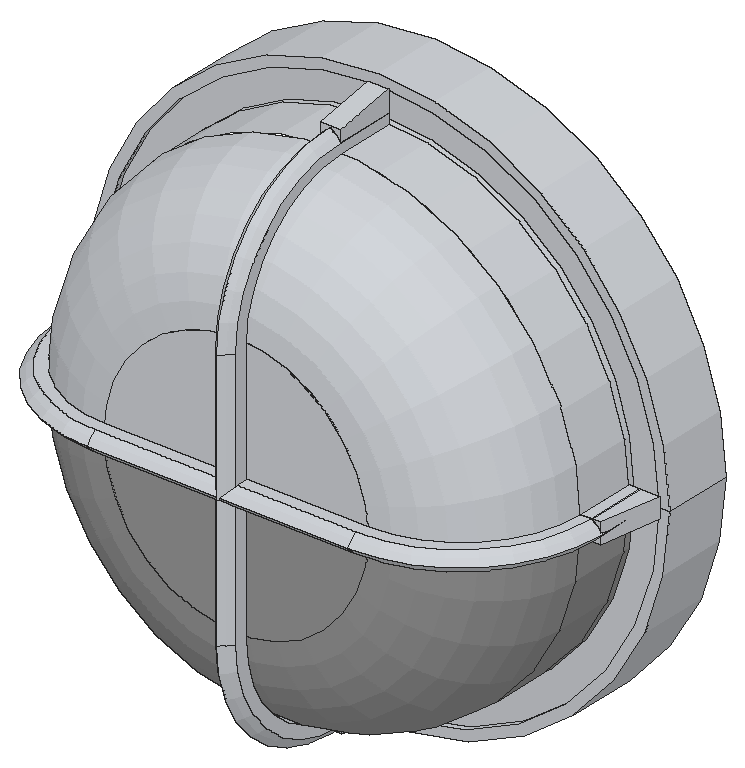
Revit family "O10-S290-E LED 500 AC 830 WH_Vertical Wall", category Lighting Fixtures, Revit 2016
Family settings
  Part Type = Normal
  Round Connector Dimension = Use Diameter
  OmniClass Number = 23.80.70.00
  OmniClass Title = Lighting
  Work Plane-Based = No
  Always vertical = Yes
  Cut with Voids When Loaded = No
  Light Source = Yes
  Shared = No
  Room Calculation Point = No
Parameters
  Wiring Accessories = ""
  Wattage Comments = ""
  Wattage = 12 W
  VoltageMax = 240 V
  built-in parameter 1150110 = 1 (stored number, unit not read)
  Voltage = 220 V
  UpdateDate = "27.04.2018 10:30:07"
  URL UK = "http://glamox.com/uk/products/O10-S290/items/O10313200"
  URL Sweden = "http://glamox.com/se/produkter/O10-S290/items/O10313200"
  URL Russia = "http://glamox.com/ru/products/O10-S290/items/O10313200"
  URL Other = "http://glamox.com/gsx/products/O10-S290/items/O10313200"
  URL Norway = "http://glamox.com/no/produkter/O10-S290/items/O10313200"
  URL Ireland = "http://glamox.com/ie/products/O10-S290/items/O10313200"
  URL Germany = "http://glamox.com/de/products/O10-S290/items/O10313200"
  URL Finland = "http://glamox.com/fi/products/O10-S290/items/O10313200"
  URL Estonia = "http://glamox.com/ee/products/O10-S290/items/O10313200"
  URL Denmark = "http://glamox.com/dk/produkter/O10-S290/items/O10313200"
  URL = ""
  TypeOfEmergency = ""
  TypeOfBallast = ""
  TotalWattage = 12 W
  Total Load = 12 W
  built-in parameter 1114217 = 1 (stored number, unit not read)
  Top Radius = Radius - 32.5 mm  # 112.5 mm
  Tilt Angle = 90.00°
  Termination = "5x2x2,5 PI"
  built-in parameter 1150109 = 1 (stored number, unit not read)
  built-in parameter 1150134 = (empty or 0)
  built-in parameter 1150113 = 1 (stored number, unit not read)
  Specification = "Outdoor product, in Aluminium, for Surface/Wall mounting, impact classification IK10, IP66, light source LED, lumen out 437lm, ballast type AC, with light source type CRI>80, 3000K, with Polycarbonate diffuser."
  Remark = ""
  RatedVoltage = 220 V
  PowerFactor = 98.00%
  Power Factor = 0.98
  Plug Type = ""
  Photometric Web File = "O10-S290-E-LED-500-830.ies"
  Optic = ""
  Number of Poles = 1
  NominalFrequencyRange = 50 Hz
  ModelReference = "O10-S290"
  ModelLabel = "O10-S290-E LED 500 AC 830 WH"
  Maximum TA = 40
  MaintenanceFactor = 0
  MFArtNo = "O10313200"
  LumDiameter = Diameter  # 290 mm
  Load Classification [instance] = Lighting
  Model = ""
  Manufacturer = "Glamox"
  Lumens = 437 lm
  built-in parameter 1150115 = 1 (stored number, unit not read)
  built-in parameter 1150105 = 34.775 (stored number, unit not read)
  LightFixturePlacingType = "WALL"
  LightFixtureMountingType = "SURFACE"
  built-in parameter 1150137 = (empty or 0)
  built-in parameter 1150139 = (empty or 0)
  LampBase = ""
  Lamp Wattage Comments = ""
  built-in parameter 1150112 = 1 (stored number, unit not read)
  built-in parameter 1150114 = 1 (stored number, unit not read)
  Lamp = "LED"
  built-in parameter 1150132 = 2
  built-in parameter 1150102 = (empty or 0)
  built-in parameter 1150138 = (empty or 0)
  built-in parameter 1150107 = 3000 (stored number, unit not read)
  built-in parameter 1150106 = 0.34775 (stored number, unit not read)
  IP_Code = "66"
  IPClass = "66"
  IK_Code = ""
  IFC Classification = "Light Fixture"
  Height = 149 mm
  GlobalTradeItemNumber = "4741145295857"
  Glamox Mounting = "Surface"
  Glamox Family = "O10-S290"
  Glamox Category = "Outdoor"
  FrequencyMax = 60 Hz
  Frequency = 50 Hz
  Expired = "0"
  Emit from Circle Diameter = LumDiameter  # 290 mm
  Emit Shape Visible in Rendering = yes
  built-in parameter 1150104 = 3.3832 (stored number, unit not read)
  ELNo Norway = ""
  ELNo Finland = ""
  EANNo = "4741145295857"
  DurationInBatteryMode = ""
  Dimming Lamp Color Temperature Shift = Incandescent Lamp Curve
  Diameter = 290 mm
  Description = "O10-S290-E LED 500 AC 830 WH"
  Cut Out = ""
  Completion = ""
  Color Filter = 16777215
  Radius = Diameter / 2  # 145 mm
  Body Material and Colour = Default
  built-in parameter 1114218 = 1 (stored number, unit not read)
  built-in parameter 1150133 = 10 (stored number, unit not read)
  Assembly Code = ""
  ArticleNumber = "O10313200"
  Apparent Load = Total Load / Power Factor  # 12.2449 VA
  #Ballast = 1
  # ballast on a MCB16 type C fuse = "176"
  # ballast on a MCB16 type B fuse = "130"
Reference planes
  plane 1 "Light Source Axis (F/B)": y = 0.31
  plane 2: z = 0
  plane 3 "Light Source Axis (L/R)": x = 0
  plane 4 "Light Source Elevation": z = 0
  plane 5: x = 0
  plane 6: y = 0.31
Forms (mm)
  Revolve 1, solid
    sketch origin (0, 0, -1.079) x (-1, 0, 0) y (0, -0.999999, -0.001408)
      loop
        arc (-66, 140.079) -> (-107.719, 122.798) -> (-125, 81.079) r 59
        line (-125, 81.079) -> (-125, 51.079) -> (-125, 48.126) -> (-140, 48.126) -> (-140, 51.079) -> (-145, 51.079) -> (-145, 16.079) -> (-125, 16.079) -> (-125, 0) -> (0, 0) -> (0, 140.079) -> (-66, 140.079)
      axis (0, 140.079) -> (0, 0)
    angle from 0 to 360
  Extrusion 2, solid
    sketch origin (0, 0, -1.079) x (-1, 0, 0) y (0, -0.999999, -0.001408)
      loop
        line (-140, 51.079) -> (-125, 51.079) -> (-125, 81.079) -> (-134.828, 81.079) -> (-140, 51.079)
    from -5 to 5
  Extrusion 3, solid
    sketch origin (0, 0, -1.079) x (1, 0, 0) y (0, 0.999999, 0.001408)
      loop
        line (-140, -51.079) -> (-134.916, -81.079) -> (-125, -81.079) -> (-125, -51.079) -> (-140, -51.079)
    from -5 to 5
  Extrusion 4, solid
    sketch origin (0, 0, -1.079) x (0, 0.001408, -0.999999) y (0, -0.999999, -0.001408)
      loop
        line (140, 51.079) -> (135.076, 81.079) -> (125.456, 81.079) -> (125.456, 51.079) -> (140, 51.079)
    from -5.31 to 4.69
  Extrusion 5, solid
    sketch origin (0, 0, -1.079) x (0, -0.001408, 0.999999) y (0, 0.999999, 0.001408)
      loop
        line (140, -51.079) -> (125, -51.079) -> (125, -81.079) -> (135.095, -81.079) -> (140, -51.079)
    from -5 to 5
  Sweep 6, solid
    path origin (0, 0, -1.079) x (-1, 0, 0) y (0, -0.999999, -0.001408)
      loop
        line (-130, 51.079) -> (-130, 81.079)
        arc (-130, 81.079) -> (-110.962, 127.041) -> (-65, 146.079) r 65
        line (-65, 146.079) -> (0, 146.079) -> (64.958, 146.079)
        arc (64.958, 146.079) -> (110.92, 127.041) -> (129.958, 81.079) r 65
        line (129.958, 81.079) -> (129.958, 51.079)
    profile origin (110.962, -127.041, -1.258) x (0.707107, -0.707106, -0.000995) y (0, -0.001408, 0.999999)
      loop
        line (-5.707, 5) -> (-5.707, -5) -> (0, -5)
        arc (0, -5) -> (3.052, -2.976) -> (5.564, -0.31) r 16
        arc (5.564, -0.31) -> (3.133, 2.528) -> (0.33, 5) r 26.787
        line (0.33, 5) -> (-5.707, 5)
  Sweep 7, solid
    path origin (0.31, -0.41, -2.314) x (0, -0.001408, 0.999999) y (0, -0.999999, -0.001408)
      loop
        line (-130, 51.079) -> (-130, 81.079)
        arc (-130, 81.079) -> (-110.962, 127.041) -> (-65, 146.079) r 65
        line (-65, 146.079) -> (0, 146.079) -> (64.958, 146.079)
        arc (64.958, 146.079) -> (110.92, 127.041) -> (129.958, 81.079) r 65
        line (129.958, 81.079) -> (129.958, 50.667)
    profile origin (0.31, -127.295, -113.455) x (0, -0.706111, -0.708102) y (1, 0, 0)
      loop
        line (-5.707, 5) -> (-5.707, -5) -> (0, -5)
        arc (0, -5) -> (3.052, -2.976) -> (5.564, -0.31) r 16
        arc (5.564, -0.31) -> (3.133, 2.528) -> (0.33, 5) r 26.787
        line (0.33, 5) -> (-5.707, 5)
Lines and regions (mm)
  symbolic lines
    curve 1: circle (0, 0.31, 0) r 145 normal (0, 0, -1)
    curve 2: line (0, 0.31, 0) -> (102.53, 102.841, 0)
    curve 3: line (0, 0.31, 0) -> (-102.53, 102.841, 0)
    curve 4: line (0, 0.31, 0) -> (-102.53, -102.22, 0)
    curve 5: line (0, 0.31, 0) -> (102.53, -102.22, 0)
Dimensions and locks
  aligned and locked: plane 3 "Light Source Axis (L/R)" to plane 5
  aligned and locked: plane 1 "Light Source Axis (F/B)" to plane 6
  aligned and locked: plane 4 "Light Source Elevation" to level
Connectors
  electrical at (0, 0, -1.079), driven by "Load Classification", driven by "Voltage", driven by "Apparent Load", driven by "Power Factor"
    settings: on Revolve 1, index 1, voltage 220 V, apparent load 0 VA, apparent load phase1 12.2449 VA, apparent load phase2 0 VA, apparent load phase3 0 VA, power factor 0.98, load classification "Lighting", number of poles 1, system type 31, power factor state 1, is connector primary yes, connector utility no, sub classification motor no, connector description ""
